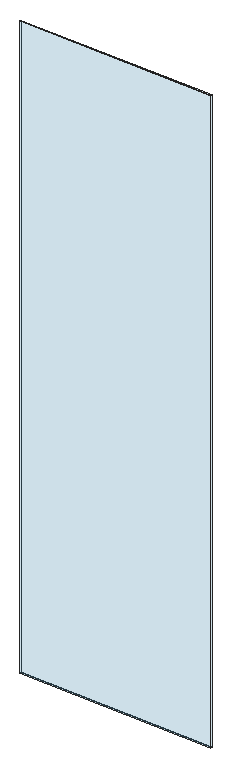
Revit family "TP Lite Glass Panel", category Curtain Panels, Revit 2012
Parameters (values of type "TP Lite 1")
  URL = "http://www.triplan.net"
  Thickness = 12.000 mm
  SoundReduction = "36 RW db"
  Panel Side offset right [instance] = 0.000 mm
  Panel Side offset left [instance] = 0.000 mm
  Offset = 0.000 mm
  Manufacturer = "Triplan International A/S"
  Glass = Triplan Glass
  FireRating = ""
  Construction Type = ""
Types (7, lengths in mm): name | Thickness | SoundReduction | FireRating
  TP Lite 1 | 12.000 | "36 RW db" | ""
  TP Lite 2 | 12.000 | "36 RW db" | ""
  TP Lite 3 | 10.380 | "38 RW db" | ""
  TP Lite 4 | 12.760 | "39 RW db" | ""
  TP Lite 5 | 16.760 | "42 RW db" | ""
  TP Lite 6 | 23.000 | "40 RW db" | "EI30"
  TP Lite 7 | 31.000 | "42 RW db" | "EI60"
Reference planes
  plane 1 "Center (Front/Back)": y = 0
  plane 2: z = 0
  plane 3 "Center (Left/Right)": x = 0
  plane 4 "Right": x = -743.004
  plane 5 "Left": x = 695.496
  plane 6 "Top": z = 4400
  plane 7: y = -6
  plane 8: y = 0
  plane 9: y = 6
  plane 10: z = 2200
  plane 11: x = 1.5
  plane 12: x = -1.5
  plane 13: x = -743.004
  plane 14: x = 695.496
  plane 15: x = -743.004
  plane 16: x = 695.496
Forms (mm)
  Extrusion 1, solid, material "Triplan Glass" <- "Glass"
    sketch origin (0, 0, 0) x (1, 0, 0) y (0, 1, 0)
      loop
        line (-743.004, 6) -> (-743.004, -6) -> (695.496, -6) -> (695.496, 6) -> (-743.004, 6)
    from 0 to 4400
Text (mm)
  text "Exterior" at (-3359.023, 3037.285, 0), in view "Ref. Level"
  text "Exterior" at (0, 2290.741, 4406.713), in view "Left"
  text "Exterior" at (0, 1328.187, 4120.349), in view "Right"
Dimensions and locks
  plane 4 "Right" to plane 3 "Center (Left/Right)" to plane 5 "Left" = 743.004 mm, 695.496 mm  (x2)
  equal spacing: plane 9, plane 8, plane 7
  "Thickness": plane 9 to plane 7
  "Offset": plane 1 "Center (Front/Back)" to plane 8
  plane 6 "Top" to level = 4400.000 mm  (x2)
  plane 4 "Right" to plane 5 "Left" = 1438.500 mm
  equal spacing: plane 6 "Top", plane 10, level
  equal spacing: plane 12, plane 3 "Center (Left/Right)", plane 11
  "Panel Side offset right": plane 13 to plane 15
  "Panel Side offset left": plane 16 to plane 14
  equal spacing: plane 13, plane 4 "Right", plane 15
  equal spacing: plane 16, plane 5 "Left", plane 14
  aligned and locked: level to plane 2
  aligned and locked: Extrusion 1 to plane 9
  aligned and locked: Extrusion 1 to plane 6 "Top"
  aligned and locked: plane 9 to Extrusion 1 sketch curve
Automatic sketch dimensions
  Extrusion 1 sketch curve to plane 13 = 0.000 mm
  Extrusion 1 sketch curve to plane 7 = 0.000 mm
  Extrusion 1 sketch curve to plane 15 = 0.000 mm
  Extrusion 1 sketch curve to plane 16 = 0.000 mm
  Extrusion 1 sketch curve to plane 14 = 0.000 mm
